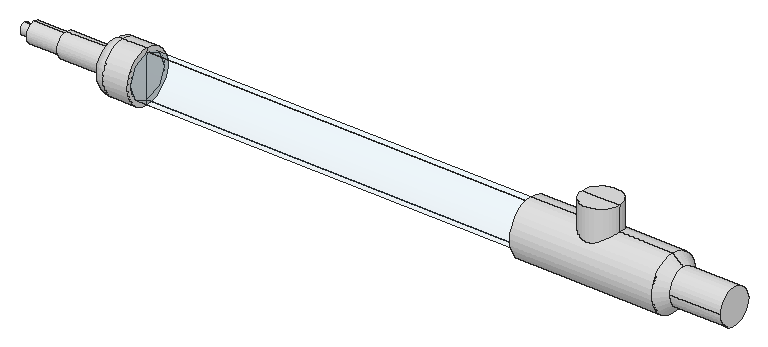
Revit family "WAGNER_Устройство_сбора_конденсата", category Арматура трубопроводов, Revit 2017
Family settings
  Размер круглого соединителя = Использовать диаметр
  Тип детали = Нормальный
  Номер OmniClass = 23.75.70.17
  Заголовок OmniClass = Water Heated and Cooled Terminal Heating and Cooling Units
  На основе рабочей плоскости = Нет
  Всегда вертикально = Да
  При загрузке вырезать с полостями = Нет
  Общий = Да
Parameters (values of type "Typ KA-1")
  Описание = ADSK_Наименование  # "Устройство сбора конденсата"
  Изготовитель = [ADSK_Завод-изготовитель]  # "WAGNER"
  bimon.ru = "bimon.ru"
  WAGNER_Тип = "Typ KA-1"  # constant formula
  WAGNER_Название = "Устройство сбора конденсата"  # constant formula
  WAGNER_Артикул = "AD-10-0647"  # constant formula
  WAGNER_Variation = 1
  Uniclass Title = "Steam distribution and supply systems"  # constant formula
  Uniclass Code = "Ss_55_40"  # constant formula
  URL = "www.wagner-russia.com"
  UNSPSC Title = "Measuring and observing and testing instruments"  # constant formula
  UNSPSC Code = "41110000"  # constant formula
  OmniClass Title = "Water Heated and Cooled Terminal Heating and Coolinh Units"  # constant formula
  OmniClass Code = "23.75.70.17"  # constant formula
  Masterformat Title = "Moisture Instruments"  # constant formula
  Masterformat Code = "23 09 23.19 "  # constant formula
  IFC Classification = ""
  COBie Category = "Moisture Instruments"  # constant formula
  ADSK_Размер_Ширина = 50 mm  # constant formula
  ADSK_Размер_Длина = 660 mm  # constant formula
  ADSK_Размер_Высота = 50 mm  # constant formula
  ADSK_Наименование краткое = WAGNER_Название  # "Устройство сбора конденсата"
  ADSK_Наименование = WAGNER_Название  # "Устройство сбора конденсата"
  ADSK_Материал = WAGNER_Устройство_сбора_конденсата
  ADSK_Масса_Текст = ""
  ADSK_Марка = WAGNER_Тип  # "Typ KA-1"
  ADSK_Код изделия = "-"  # constant formula
  ADSK_Завод-изготовитель = "WAGNER"  # constant formula
  ADSK_Единица измерения = "шт."  # constant formula
  ADSK_Дата изменения = "18.07.20"  # constant formula
  ADSK_Версия семейства = "Версия 1"  # constant formula
  ADSK_Версия Revit = "Revit 2017"  # constant formula
  ADSK_URL страницы изделия = "https://ru.wagnergroup.com/systeme/brandfrueherkennung-mit-titanusr-ansaugrauchmeldern.html"
  ADSK_URL документации изделия = "https://ru.wagnergroup.com/ru/centr-zagruzki/katalog.html"
Reference planes
  plane 1 "По центру (Вперед/Назад)": y = -115
  plane 2: z = 0
  plane 3 "По центру (Влево/Вправо)": x = -926.101
Forms (mm)
  Revolve 1, solid, material "WAGNER_Устройство_сбора_конденсата" <- "ADSK_Материал"
    sketch origin (0, -115, 0) x (0, 0, -1) y (1, 0, 0)
      loop
        line (0, -761.101) -> (0, -620.101) -> (-16, -620.101) -> (-25, -629.101) -> (-25, -761.101) -> (0, -761.101)
      loop
        line (0, -1232.101) -> (0, -1118.101) -> (-20, -1118.101) -> (-23.5, -1118.101) -> (-23.5, -1140.601)
        arc (-23.5, -1140.601) -> (-19.839, -1149.44) -> (-11, -1153.101) r 12.5
        line (-11, -1153.101) -> (-11, -1193.101) -> (-9, -1193.101) -> (-9, -1223.101) -> (-5, -1223.101) -> (-5, -1232.101) -> (0, -1232.101)
      axis (0, -1232.101) -> (0, -620.101)
    angle from 0 to 360
  Revolve 2, solid, material "WAGNER_Устройство_сбора_конденсата" <- "ADSK_Материал"
    sketch origin (0, -115, 0) x (0, 0, -1) y (1, 0, 0)
      loop
        line (0, -696.101) -> (0, -678.601) -> (-47.034, -678.601) -> (-47.034, -696.101) -> (0, -696.101)
      axis (0, -696.101) -> (-47.034, -696.101)
    angle from 0 to 360
  Extrusion 3, solid, material "WAGNER_Устройство_сбора_конденсата" <- "ADSK_Материал"
    sketch origin (-926.101, 0, 0) x (0, 1, 0) y (0, 0, 1)
      loop
        circle (-115, 0) r 16
    from 297 to 354.021
  Revolve 4, solid, material "Стекло"
    sketch origin (0, -115, 0) x (0, 0, -1) y (1, 0, 0)
      loop
        line (0, -1118.101) -> (0, -761.101) -> (-20, -761.101) -> (-20, -1118.101) -> (0, -1118.101)
      axis (0, -1118.101) -> (0, -761.101)
    angle from 0 to 360
Cuts and joins
  joined: Revolve 1, Revolve 2, Extrusion 3
Dimensions and locks
  Revolve 1 sketch curve to Revolve 1 sketch curve = 141 mm
  diameter of Extrusion 3 sketch curve = 32 mm
  aligned and locked: level to plane 2
